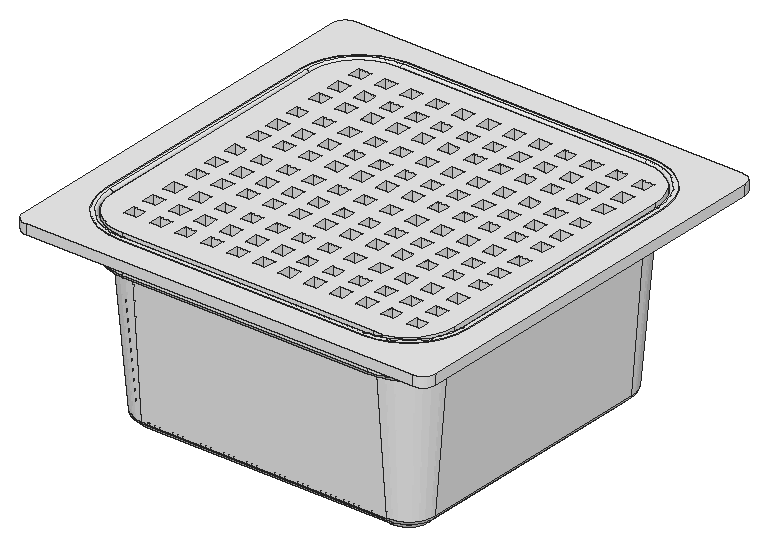
Revit family "Receptor_Sani-Flor_16_In_Square_7_In_Sump-Zurn-Z1920", category Plumbing Fixtures, Revit 2022
Family settings
  Round Connector Dimension = Use Radius
  Part Type = Normal
  OmniClass Number = 23.45.05.14.14
  OmniClass Title = Sinks/Lavatories
  Work Plane-Based = No
  Always vertical = Yes
  Cut with Voids When Loaded = No
  Maintain Annotation Orientation = No
  Shared = No
  Room Calculation Point = No
Parameters (values of type "Load Family Type Catalog")
  ZN-Top Height = 0.000"
  ZN Top = no
  Waste Connection = 1 = 1  # yes
  WFU = 1  # constant formula
  Vent Connection = 1 = 0  # no
  URL = "www.zurn.com"
  Type Comments = "Z1751 Sani-Flor Receptor 3 Inch Inside Caulk Outlet"
  Trap Primer = 1 = 1  # yes
  Top size = 16.000"
  Thickness = 0.250"
  Grate Open Area (Sq. In) = "54"
  Product data url = "https://www.bimobject.com/en-in/zurnindustries/product/zurn-z1920"
  Product Page URL = "https://www.zurn.com/products/drainage-interceptors/floor-sinks/z1920"
  Product Documentation Link = "https://files.zurn.com/spec-sheets/z1920.pdf"
  Grate Material = Iron - Zurn - Cast - Painted - White A.R.E Coated
  E_ Body Length_Derived = E_ Body Length - [ZN-Top Height]  # 9.750"
  Connector Radius = [A_ Pipe Size (Nominal)] / 2  # 1.500"
  Model = "Z1920-3IC"
  Main Material = Iron - Zurn - Cast - Painted - White A.R.E Coated
  HWFU = 0  # constant formula
  HW Connection = 1 = 0  # no
  Description = "16 X 16 [406 X 406] A.R.C. SANI-FLOR RECEPTOR 7 [178] SUMP DEPTH"  # constant formula
  CWFU = 0  # constant formula
  CW Connection = 1 = 0  # no
  Assembly Code = "D2030300"
  A_ Pipe Size (Nominal) = 3.000"
  A_ Pipe Size (Actual-Outer) = 3.500"
  A_ Pipe Size (Actual-Inner) = 3.068"
  Modified Date = "12/29/2025"  # constant formula
  Manufacurer Brand = "Zurn"  # constant formula
  Manufacturer = "Zurn Water, LLC"  # constant formula
  E_ Body Length = 9.750"
  Default Elevation = 4.000"  # constant formula
  Date Created = "08/29/2022"  # constant formula
  Approx. Weight (Lbs) = 81.000"
Reference planes (in)
  plane 1 "Center (Front/Back)": y = 0
  plane 2 "Top Level": z = -2.0625
  plane 3 "Center (Left/Right)": x = 0
  plane 4: through (-4.38902, 4.38902, 48) normal (0.7071, 0.7071, 0)
  plane 5: through (4.7432, 4.7432, 48) normal (0.7071, -0.7071, 0)
  plane 6: x = -8
  plane 7: x = 8
  plane 8: z = -0.375
  plane 9: z = -0.625
  plane 10: x = -1.75
  plane 11: x = 1.75
  plane 12: x = -1.534
  plane 13: x = 1.534
  plane 14: z = -7
  plane 15: z = -7.25
  plane 16: z = -9.75
  plane 17: z = 0
  plane 18: y = 1.75
  plane 19: y = -1.75
  plane 20: y = 8
  plane 21: y = -8
  plane 22: x = -6.5
  plane 23: x = 6.5
  plane 24: x = -6.75
  plane 25: x = 6.75
  plane 26: z = -1.5
  plane 27: x = -6.0625
  plane 28: x = 6.0625
  plane 29: z = -1.25
  plane 30: z = 0.1875
Forms (in)
  Sweep 1, solid, material "Iron - Zurn - Cast - Painted - White A.R.E Coated" <- "Main Material", detail levels fine
    path origin (0, 0, 0) x (1, 0, 0) y (0, 1, 0)
      loop
        arc (-4.75, 6.25) -> (-5.81066, 5.81066) -> (-6.25, 4.75) r 1.5
        line (-6.25, 4.75) -> (-6.25, -4.75)
        arc (-6.25, -4.75) -> (-5.81066, -5.81066) -> (-4.75, -6.25) r 1.5
        line (-4.75, -6.25) -> (4.75, -6.25)
        arc (4.75, -6.25) -> (5.81066, -5.81066) -> (6.25, -4.75) r 1.5
        line (6.25, -4.75) -> (6.25, 4.75)
        arc (6.25, 4.75) -> (5.81066, 5.81066) -> (4.75, 6.25) r 1.5
        line (4.75, 6.25) -> (-4.75, 6.25)
    profile origin (-6.25, 0, 0) x (-1, 0, 0) y (0, 0, 1)
      loop
        line (0.5, -0.375) -> (0.25, -0.375) -> (0.25, -1.25) -> (-0.1875, -1.25) -> (-0.66869, -6.75) -> (-0.85797, -6.75)
        arc (-0.85797, -6.75) -> (-0.91535, -6.77377) -> (-0.93912, -6.83115) r 0.08115
        line (-0.93912, -6.83115) -> (-0.93912, -7) -> (-1.25, -7) -> (-1.25, -7.25) -> (-0.79803, -7.25)
        arc (-0.79803, -7.25) -> (-0.72102, -7.2181) -> (-0.68912, -7.14109) r 0.10891
        line (-0.68912, -7.14109) -> (-0.68912, -7.1)
        arc (-0.68912, -7.1) -> (-0.65983, -7.02929) -> (-0.58912, -7) r 0.1
        line (-0.58912, -7) -> (-0.53124, -7)
        arc (-0.53124, -7) -> (-0.46368, -6.97373) -> (-0.43162, -6.90872) r 0.1
        line (-0.43162, -6.90872) -> (0.0336, -1.59128)
        arc (0.0336, -1.59128) -> (0.06566, -1.52627) -> (0.13322, -1.5) r 0.1
        line (0.13322, -1.5) -> (0.4, -1.5)
        arc (0.4, -1.5) -> (0.47071, -1.47071) -> (0.5, -1.4) r 0.1
        line (0.5, -1.4) -> (0.5, -0.725)
        arc (0.5, -0.725) -> (0.52929, -0.65429) -> (0.6, -0.625) r 0.1
        line (0.6, -0.625) -> (0.65, -0.625)
        arc (0.65, -0.625) -> (0.72071, -0.59571) -> (0.75, -0.525) r 0.1
        line (0.75, -0.525) -> (0.75, 0) -> (0.6, 0)
        arc (0.6, 0) -> (0.52929, -0.02929) -> (0.5, -0.1) r 0.1
        line (0.5, -0.1) -> (0.5, -0.375)
  Revolve 2, solid, material "Iron - Zurn - Cast - Painted - White A.R.E Coated" <- "Main Material", detail levels fine
    sketch origin (0, 0, 0) x (1, 0, 0) y (0, 0, 1)
      loop
        line (-1.75, -7) -> (-1.75, -9.75) -> (-1.534, -9.75) -> (-1.534, -7) -> (-1.75, -7)
      axis (0, -7) -> (0, -9.75)
    angle from 0 to 360
  Extrusion 3, solid, material "Iron - Zurn - Cast - Painted - White A.R.E Coated" <- "Main Material", detail levels fine
    sketch origin (0, 0, 0) x (1, 0, 0) y (0, 1, 0)
      loop
        arc (-7.5, 8) -> (-7.85355, 7.85355) -> (-8, 7.5) r 0.5
        line (-8, 7.5) -> (-8, -7.5)
        arc (-8, -7.5) -> (-7.85355, -7.85355) -> (-7.5, -8) r 0.5
        line (-7.5, -8) -> (7.5, -8)
        arc (7.5, -8) -> (7.85355, -7.85355) -> (8, -7.5) r 0.5
        line (8, -7.5) -> (8, 7.5)
        arc (8, 7.5) -> (7.85355, 7.85355) -> (7.5, 8) r 0.5
        line (7.5, 8) -> (-7.5, 8)
      loop
        line (-7, 4.75) -> (-7, -4.75)
        arc (-7, -4.75) -> (-6.34099, -6.34099) -> (-4.75, -7) r 2.25
        line (-4.75, -7) -> (4.75, -7)
        arc (4.75, -7) -> (6.34099, -6.34099) -> (7, -4.75) r 2.25
        line (7, -4.75) -> (7, 4.75)
        arc (7, 4.75) -> (6.34099, 6.34099) -> (4.75, 7) r 2.25
        line (4.75, 7) -> (-4.75, 7)
        arc (-4.75, 7) -> (-6.34099, 6.34099) -> (-7, 4.75) r 2.25
    from 0 to -0.375
  Extrusion 4, solid, material "Iron - Zurn - Cast - Painted - White A.R.E Coated" <- "Main Material", detail levels fine
    sketch origin (0, 0, 0) x (1, 0, 0) y (0, 1, 0)
      loop
        arc (-5, -4.75) -> (-4.92678, -4.92678) -> (-4.75, -5) r 0.25
        line (-4.75, -5) -> (4.75, -5)
        arc (4.75, -5) -> (4.92678, -4.92678) -> (5, -4.75) r 0.25
        line (5, -4.75) -> (5, 4.75)
        arc (5, 4.75) -> (4.92678, 4.92678) -> (4.75, 5) r 0.25
        line (4.75, 5) -> (-4.75, 5)
        arc (-4.75, 5) -> (-4.92678, 4.92678) -> (-5, 4.75) r 0.25
        line (-5, 4.75) -> (-5, -4.75)
      loop
        circle (0, 0) r 1.75
    from -7.25 to -7
  Extrusion 5, solid, material "Iron - Zurn - Cast - Painted - White A.R.E Coated" <- "Grate Material", visible <- "ZN Top", detail levels fine
    sketch origin (0, 0, 0) x (1, 0, 0) y (0, 1, 0)
      loop
        arc (-7.875, 8.375) -> (-8.22855, 8.22855) -> (-8.375, 7.875) r 0.5
        line (-8.375, 7.875) -> (-8.375, -7.875)
        arc (-8.375, -7.875) -> (-8.22855, -8.22855) -> (-7.875, -8.375) r 0.5
        line (-7.875, -8.375) -> (7.875, -8.375)
        arc (7.875, -8.375) -> (8.22855, -8.22855) -> (8.375, -7.875) r 0.5
        line (8.375, -7.875) -> (8.375, 7.875)
        arc (8.375, 7.875) -> (8.22855, 8.22855) -> (7.875, 8.375) r 0.5
        line (7.875, 8.375) -> (-7.875, 8.375)
      loop
        arc (-4.75, 6.75) -> (-6.16421, 6.16421) -> (-6.75, 4.75) r 2
        line (-6.75, 4.75) -> (-6.75, -4.75)
        arc (-6.75, -4.75) -> (-6.16421, -6.16421) -> (-4.75, -6.75) r 2
        line (-4.75, -6.75) -> (4.75, -6.75)
        arc (4.75, -6.75) -> (6.16421, -6.16421) -> (6.75, -4.75) r 2
        line (6.75, -4.75) -> (6.75, 4.75)
        arc (6.75, 4.75) -> (6.16421, 6.16421) -> (4.75, 6.75) r 2
        line (4.75, 6.75) -> (-4.75, 6.75)
    from -0.375 to 0.1875
Lines and regions (in)
  Masking region 1, detail levels fine
    outline origin (0, 0, 0) x (1, 0, 0) y (0, 1, 0)
      loop
        line (7.875, 8.375) -> (-7.875, 8.375)
        arc (-7.875, 8.375) -> (-8.22855, 8.22855) -> (-8.375, 7.875) r 0.5
        line (-8.375, 7.875) -> (-8.375, -7.875)
        arc (-8.375, -7.875) -> (-8.22855, -8.22855) -> (-7.875, -8.375) r 0.5
        line (-7.875, -8.375) -> (7.875, -8.375)
        arc (7.875, -8.375) -> (8.22855, -8.22855) -> (8.375, -7.875) r 0.5
        line (8.375, -7.875) -> (8.375, 7.875)
        arc (8.375, 7.875) -> (8.22855, 8.22855) -> (7.875, 8.375) r 0.5
  model lines, detail levels coarse+medium
    curve 1: line (0, 0, 0) -> (0, 0, -9.75)
    curve 2: line (-1.75, 0, -9.75) -> (1.75, 0, -9.75)
    curve 3: line (0, 1.75, -9.75) -> (0, -1.75, -9.75)
    curve 4: line (7.5, 8, 0) -> (-7.5, 8, 0)
    curve 5: line (-8, 7.5, 0) -> (-8, -7.5, 0)
    curve 6: line (-7.5, -8, 0) -> (7.5, -8, 0)
    curve 7: line (8, -7.5, 0) -> (8, 7.5, 0)
    curve 8: arc (8, -7.5, 0) -> (7.85355, -7.85355, 0) -> (7.5, -8, 0) r 0.5
    curve 9: arc (-7.5, -8, 0) -> (-7.85355, -7.85355, 0) -> (-8, -7.5, 0) r 0.5
    curve 10: arc (-8, 7.5, 0) -> (-7.85355, 7.85355, 0) -> (-7.5, 8, 0) r 0.5
    curve 11: arc (7.5, 8, 0) -> (7.85355, 7.85355, 0) -> (8, 7.5, 0) r 0.5
    curve 12: line (4.75, 6.75, 0) -> (-4.75, 6.75, 0)
    curve 13: line (6.75, -4.75, 0) -> (6.75, 4.75, 0)
    curve 14: line (-4.75, -6.75, 0) -> (4.75, -6.75, 0)
    curve 15: line (-6.75, 4.75, 0) -> (-6.75, -4.75, 0)
    curve 16: arc (-4.75, 6.75, 0) -> (-6.16421, 6.16421, 0) -> (-6.75, 4.75, 0) r 2
    curve 17: arc (-6.75, -4.75, 0) -> (-6.16421, -6.16421, 0) -> (-4.75, -6.75, 0) r 2
    curve 18: arc (4.75, -6.75, 0) -> (6.16421, -6.16421, 0) -> (6.75, -4.75, 0) r 2
    curve 19: arc (6.75, 4.75, 0) -> (6.16421, 6.16421, 0) -> (4.75, 6.75, 0) r 2
    curve 20: line (-4.5, 6.75, 0) -> (-4.5, -6.75, 0)
    curve 21: line (-2.25, 6.75, 0) -> (-2.25, -6.75, 0)
    curve 22: line (2.25, 6.75, 0) -> (2.25, -6.75, 0)
    curve 23: line (4.5, 6.75, 0) -> (4.5, -6.75, 0)
    curve 24: line (0, 6.75, 0) -> (0, -6.75, 0)
    curve 25: line (-6.75, 4.5, 0) -> (6.75, 4.5, 0)
    curve 26: line (-6.75, 2.25, 0) -> (6.75, 2.25, 0)
    curve 27: line (-6.75, 0, 0) -> (6.75, 0, 0)
    curve 28: line (-6.75, -2.25, 0) -> (6.75, -2.25, 0)
    curve 29: line (-6.75, -4.5, 0) -> (6.75, -4.5, 0)
Dimensions and locks (in)
  locked: plane 3 "Center (Left/Right)" to plane 4
  locked: plane 5 to plane 4
  locked: level to plane 2 "Top Level" at 2.0625
  equal spacing: plane 10, plane 3 "Center (Left/Right)", plane 11
  "A_ Pipe Size (Actual-Outer)": plane 10 to plane 11
  equal spacing: plane 13, plane 3 "Center (Left/Right)", plane 12
  "A_ Pipe Size (Actual-Inner)": plane 13 to plane 12
  "A_ Pipe Size (Actual-Outer)": plane 18 to plane 19
  equal spacing: plane 18, plane 1 "Center (Front/Back)", plane 19
  locked: plane 20 to plane 21 at 16
  equal spacing: plane 20, plane 1 "Center (Front/Back)", plane 21
  locked: plane 7 to plane 6 at 16
  equal spacing: plane 7, plane 3 "Center (Left/Right)", plane 6, locked at 8 each
  locked: plane 27 to plane 22 at 0.4375
  locked: plane 23 to plane 28 at 0.4375
  "E_ Body Length": level to plane 16
  equal spacing: curve 15, curve 20, curve 21, curve 24, curve 22, curve 23, curve 13, locked at 2.25 each
  equal spacing: curve 12, curve 25, curve 26, curve 27, curve 28, curve 29, curve 14, locked at 2.25 each
  equal spacing: plane 25, plane 3 "Center (Left/Right)", plane 24, locked at 6.75 each
  locked: plane 25 to plane 24 at 13.5
  "Thickness": plane 22 to plane 24
  "Thickness": plane 23 to plane 25
  "E_ Body Length_Derived": plane 17 to plane 16
  locked: plane 17 to plane 8 at 0.375
  locked: plane 8 to plane 9 at 0.25
  plane 17 to plane 26 = 1.500"
  "Thickness": plane 29 to plane 26
  locked: plane 17 to plane 14 at 7
  "Thickness": plane 14 to plane 15
  locked: Sweep 1 sketch curve to plane 24 at 0.25
  "Thickness": Sweep 1 sketch curve to Sweep 1 sketch curve
  locked: Sweep 1 sketch curve to plane 14 at 0.25
  locked: Sweep 1 sketch curve to Sweep 1 sketch curve at 0.25
  locked: plane 3 "Center (Left/Right)" to Sweep 1 sketch curve at 5
  Sweep 1 sketch curve to plane 1 "Center (Front/Back)" to Sweep 1 sketch curve = 6.250" locked, 6.250" locked
  Sweep 1 sketch curve to plane 3 "Center (Left/Right)" to Sweep 1 sketch curve = 6.250" locked, 6.250" locked
  locked: plane 20 to Extrusion 5 sketch curve at 0.375
  locked: plane 7 to Extrusion 5 sketch curve at 0.375
  locked: Extrusion 5 sketch curve to plane 21 at 0.375
  locked: Extrusion 5 sketch curve to plane 6 at 0.375
  locked: plane 30 to plane 17 at 0.1875
  equal spacing: curve 4, plane 1 "Center (Front/Back)", curve 6
  "Top size": curve 4 to curve 6
  equal spacing: curve 5, plane 3 "Center (Left/Right)", curve 7
  "Top size": curve 5 to curve 7
  locked: curve 4 to curve 10 at 0.5
  locked: curve 5 to curve 10 at 0.5
  locked: curve 11 to curve 7 at 0.5
  locked: curve 4 to curve 11 at 0.5
  locked: curve 6 to curve 8 at 0.5
  locked: curve 8 to curve 7 at 0.5
  locked: curve 5 to curve 9 at 0.5
  locked: curve 6 to curve 9 at 0.5
  locked: Sweep 1 sketch curve to Sweep 1 sketch curve at 0.31088
  "A_ Pipe Size (Actual-Outer)": diameter of Extrusion 4 sketch curve
  locked: plane 14 to Sweep 1 sketch curve (angle 95.00°)
  aligned and locked: plane 10 to curve 2
  aligned and locked: plane 11 to curve 2
  aligned and locked: curve 2 to plane 16
  aligned and locked: level to curve 1
  aligned and locked: plane 16 to curve 1
  aligned and locked: curve 1 to plane 3 "Center (Left/Right)"
  aligned and locked: curve 3 to plane 18
  aligned and locked: plane 19 to curve 3
  aligned and locked: curve 3 to plane 16
  aligned and locked: Sweep 1 sketch curve to plane 26
  aligned and locked: plane 15 to Sweep 1 sketch curve
  aligned and locked: Sweep 1 sketch curve to plane 14  (x2)
  aligned and locked: plane 16 to Revolve 2 sketch curve
  aligned and locked: Revolve 2 sketch curve to plane 14
  aligned and locked: Revolve 2 sketch curve to plane 12
  aligned and locked: Revolve 2 sketch curve to plane 10
  aligned and locked: plane 14 to Revolve 2 sketch curve
  aligned and locked: Revolve 2 sketch curve to plane 3 "Center (Left/Right)"
  aligned and locked: plane 17 to Sweep 1 sketch curve
  aligned and locked: Sweep 1 sketch curve to plane 8
  aligned and locked: Sweep 1 sketch curve to plane 9
  aligned and locked: plane 24 to Sweep 1 sketch curve
  aligned and locked: Sweep 1 sketch curve to plane 24
  aligned and locked: Sweep 1 sketch curve to plane 22
  aligned and locked: plane 29 to Sweep 1 sketch curve
  aligned and locked: plane 27 to Sweep 1 sketch curve
  aligned and locked: Sweep 1 sketch curve to plane 29
  aligned and locked: plane 6 to Extrusion 3 sketch curve
  aligned and locked: plane 20 to Extrusion 3 sketch curve
  aligned and locked: Extrusion 3 sketch curve to plane 7
  aligned and locked: Extrusion 3 sketch curve to plane 21
  aligned and locked: Extrusion 3 sketch curve to Sweep 1  (x2)
  aligned and locked: Extrusion 3 to plane 17
  aligned and locked: Extrusion 3 to plane 8
  aligned and locked: Extrusion 4 sketch curve to Sweep 1  (x2)
  aligned and locked: plane 1 "Center (Front/Back)" to Extrusion 4 sketch curve
  aligned and locked: plane 3 "Center (Left/Right)" to Extrusion 4 sketch curve
  aligned and locked: Extrusion 4 to plane 15
  aligned and locked: plane 14 to Extrusion 4
  aligned and locked: Extrusion 5 sketch curve to Sweep 1  (x2)
  aligned and locked: plane 30 to Extrusion 5
  aligned and locked: Extrusion 5 to plane 8
  aligned and locked: curve 12 to Extrusion 5
  aligned and locked: curve 15 to Extrusion 5
  aligned and locked: curve 14 to Extrusion 5
  aligned and locked: curve 13 to Extrusion 5
  aligned and locked: plane 3 "Center (Left/Right)" to nested 1
  aligned and locked: plane 1 "Center (Front/Back)" to nested 1
  aligned and locked: level to nested 1
  aligned and locked: Masking region 1 sketch curve to Extrusion 5  (x4)
Automatic sketch dimensions
  Revolve 2 sketch curve to plane 16 = 0.000"
  Sweep 1 sketch curve to Sweep 1 sketch curve = 0.08115"
  Sweep 1 sketch curve to Sweep 1 sketch curve = 0.10891"
  Sweep 1 sketch curve to Sweep 1 sketch curve = 0.05788"
  Sweep 1 sketch curve to Sweep 1 sketch curve = 0.09962"  (x2)
  Sweep 1 sketch curve to Sweep 1 sketch curve = 0.100"  (x3)
  Sweep 1 sketch curve to Sweep 1 sketch curve = 0.050"
  plane 6 to Extrusion 3 sketch curve = 0.500"
  Extrusion 3 sketch curve to plane 24 = 0.750"
  Extrusion 3 sketch curve to plane 25 = 0.750"  (x2)
  plane 6 to Extrusion 5 sketch curve = 0.125"  (x2)
  Extrusion 5 sketch curve to plane 7 = 0.125"  (x2)
  plane 1 "Center (Front/Back)" to curve 27 = 0.000"
  curve 27 to plane 24 = 0.000"
  curve 16 to plane 4 = 0.000"
  curve 24 to plane 3 "Center (Left/Right)" = 0.000"
  plane 21 to curve 6 = 0.000"
  curve 16 to plane 27 = 1.3125"
  curve 14 to curve 20 = 0.250"
  curve 19 to plane 28 = 1.3125"
  curve 18 to plane 28 = 1.3125"
  Sweep 1 sketch curve to plane 27 = 1.3125"  (x2)
  Sweep 1 sketch curve to plane 28 = 1.3125"  (x2)
  Extrusion 3 sketch curve to plane 4 = 0.000"
  Extrusion 3 sketch curve to plane 28 = 1.3125"  (x2)
  Extrusion 4 sketch curve to plane 4 = 0.000"
  Extrusion 4 sketch curve to Extrusion 4 sketch curve = 0.250"  (x2)
  plane 5 to Extrusion 5 sketch curve = 0.000"
  Extrusion 5 sketch curve to plane 28 = 1.3125"  (x2)
Nested families (in)
  nested 1: "Z1920-Grate" at (0, 0, 0), Main Material <- "Grate Material", type "Grate", detail levels fine
    with Main Material Iron - Zurn - Cast - Painted - White A.R.E Coated
Connectors (in)
  piping at (0, 0, -9.75), diameter 3, driven by "Connector Radius", driven by "Waste Connection", driven by "Waste Connection"
    settings: on Revolve 2, index 1, connector inside diameter 24", connector length 0.000", flow factor 0, pipe flow 0 GPM, pressure drop 0.00 psi, fitting loss kfactor 0, connector angle 0.00°, fixture units 0, engagement length 0.000", angle of deflection 0.00°, flow configuration 0, flow direction 2, fitting loss method 0, system type 16, joint type 0, gender type 0, connector reference index -1, connector utility 1, adjustable connector yes, is connector primary yes, connector description "Sanitary Outlet"
Definition of nested family "Z1920-Grate"
  Parameters (values of type "Grate")
    Width = 12.000"
    Waste Connection = 1 = 1  # yes
    WFU = 0  # constant formula
    Vent Connection = 1 = 0  # no
    URL = "www.zurn.com"
    Type Comments = "Z1752 Sani-Flor Receptor - 2 Inch No-Hub Outlet"
    Sink Sump Depth = 10.000"
    Product data url = "https://www.bimobject.com/en/zurnindustries/product/zurn-z1752"
    Product Page URL = "https://www.zurn.com/products/drainage-interceptors/floor-sinks/z1752"
    Product Documentation Link = "https://files.zurn.com/spec-sheets/z1752.pdf"
    Outlet Inner Radius = [Actual Pipe Size Outer Diameter (A)] / 2  # 1.1875"
    Outlet Connection = [Nominal Pipe Size (A)] / 2  # 1.000"
    Nominal Pipe Size (A) = 2.000"
    Model = "Z1752"  # constant formula
    Main Material [instance] = none
    HWFU = 0  # constant formula
    HW Connection = 1 = 0  # no
    Description = "12 X 12 [305 X 305] SANI-FLOR RECEPTOR 10 [254] SUMP DEPTH"  # constant formula
    CWFU = 0  # constant formula
    CW Connection = 1 = 0  # no
    Body Height (E) = 12.063"
    Assembly Code = "D2030300"
    Actual Pipe Size Outer Diameter (A) = 2.375"
    Modified Date = "09/23/25"  # constant formula
    Manufacurer Brand = "Zurn"  # constant formula
    Manufacturer = "Zurn Water, LLC"  # constant formula
    Default Elevation = 2.000"  # constant formula
    Date Created = "07/03/18"  # constant formula
    Approx. Weight (Lbs) = 22.000"
  Reference planes (in)
    plane 1 "Center (Front/Back)": y = 0
    plane 2: z = 0
    plane 3 "Center (Left/Right)": x = 0
    plane 4: x = -4.75
    plane 5: x = 4.75
    plane 6: y = 6
    plane 7: y = -6
    plane 8: x = -6
    plane 9: x = 6
    plane 10: z = -12.063
    plane 11: x = -4.28125
    plane 12: x = 4.28125
    plane 13: z = -0.063
    plane 14: x = 4.53125
    plane 15: z = -10
    plane 16: z = -5.688
    plane 17: z = -5.968
    plane 18: z = -5.593
    plane 19: z = -2.75
    plane 20: z = -2.7
    plane 21: y = 6.625
    plane 22: y = -6.625
    plane 23: x = 4.38654
    plane 24: y = 4.86068
    plane 25: x = 6.625
    plane 26: x = -6.625
    plane 27: y = -2.70366
    plane 28: y = -3.20366
    plane 29: y = -3.70366
    plane 30: y = -4.20366
    plane 31: x = -5.125
    plane 32 "Plane for Outlets": z = -9.999
    plane 33: y = 3.29634
    plane 34: y = 2.79634
    plane 35: y = 2.29634
    plane 36: y = 1.79634
    plane 37: x = -3.78125
    plane 38: x = -4.03125
    plane 39: x = -3.03125
    plane 40: x = -2.03125
    plane 41: x = -1.03125
    plane 42: x = 0.96875
    plane 43: x = 1.96073
    plane 44: x = 2.96875
    plane 45: x = 3.96875
    plane 46: y = 4.04634
    plane 47: y = 3.04634
    plane 48: y = 2.04634
    plane 49: y = 1.04634
    plane 50: y = 0.04634
    plane 51: y = -0.95366
    plane 52: y = -1.95366
    plane 53: y = -2.95366
    plane 54: y = -3.95366
    plane 55: y = 1.00283
    plane 56: y = -1.00112
    plane 57: x = 1.1875
    plane 58: x = -1.1875
    plane 59: y = 1.1875
    plane 60: y = -1.1875
    plane 61: y = 0.29634
    plane 62: y = -0.20366
    plane 63: y = -0.70366
    plane 64: y = -1.20366
    plane 65: x = -5.125
    plane 66: y = 3.29634
    plane 67: y = 2.79634
    plane 68: y = 2.29634
    plane 69: y = 1.79634
    plane 70: x = -5.125
    plane 71: y = 6.29634
    plane 72: y = 5.79634
    plane 73: y = 5.29634
    plane 74: y = 4.79634
    plane 75: x = -5.125
    plane 76: y = -2.70366
    plane 77: y = -3.20366
    plane 78: y = -3.70366
    plane 79: y = -4.20366
    plane 80: x = -4.125
    plane 81: y = 0.29634
    plane 82: y = -0.20366
    plane 83: y = -0.70366
    plane 84: y = -1.20366
    plane 85: x = -4.125
    plane 86: y = 3.29634
    plane 87: y = 2.79634
    plane 88: y = 2.29634
    plane 89: y = 1.79634
    plane 90: x = -4.125
    plane 91: y = 6.29634
    plane 92: y = 5.79634
    plane 93: y = 5.29634
    plane 94: y = 4.79634
    plane 95: x = -4.125
    plane 96: y = -2.70366
    plane 97: y = -3.20366
    plane 98: y = -3.70366
    plane 99: y = -4.20366
    plane 100: x = -3.125
    plane 101: y = 0.29634
    plane 102: y = -0.20366
    plane 103: y = -0.70366
    plane 104: y = -1.20366
    plane 105: x = -3.125
    plane 106: y = 3.29634
    plane 107: y = 2.79634
    plane 108: y = 2.29634
    plane 109: y = 1.79634
    plane 110: x = -3.125
    plane 111: y = 6.29634
    plane 112: y = 5.79634
    plane 113: y = 5.29634
    plane 114: y = 4.79634
    plane 115: x = -3.125
    plane 116: y = -2.70366
    plane 117: y = -3.20366
    plane 118: y = -3.70366
    plane 119: y = -4.20366
    plane 120: x = -2.125
    plane 121: y = 0.29634
    plane 122: y = -0.20366
    plane 123: y = -0.70366
    plane 124: y = -1.20366
    plane 125: x = -2.125
    plane 126: y = 3.29634
    plane 127: y = 2.79634
    plane 128: y = 2.29634
    plane 129: y = 1.79634
    plane 130: x = -2.125
    plane 131: y = 6.29634
    plane 132: y = 5.79634
    plane 133: y = 5.29634
    plane 134: y = 4.79634
    plane 135: x = -2.125
    plane 136: y = -2.70366
    plane 137: y = -3.20366
    plane 138: y = -3.70366
    plane 139: y = -4.20366
    plane 140: x = -1.125
    plane 141: y = 0.29634
    plane 142: y = -0.20366
    plane 143: y = -0.70366
    plane 144: y = -1.20366
    plane 145: x = -1.125
    plane 146: y = 3.29634
    plane 147: y = 2.79634
    plane 148: y = 2.29634
    plane 149: y = 1.79634
    plane 150: x = -1.125
    plane 151: y = 6.29634
    plane 152: y = 5.79634
    plane 153: y = 5.29634
    plane 154: y = 4.79634
    plane 155: x = -1.125
    plane 156: y = -2.70366
    plane 157: y = -3.20366
    plane 158: y = -3.70366
    plane 159: y = -4.20366
    plane 160: x = -0.125
    plane 161: y = 0.29634
    plane 162: y = -0.20366
    plane 163: y = -0.70366
    plane 164: y = -1.20366
    plane 165: x = -0.125
    plane 166: y = 3.29634
    plane 167: y = 2.79634
    plane 168: y = 2.29634
    plane 169: y = 1.79634
    plane 170: x = -0.125
    plane 171: y = 6.29634
    plane 172: y = 5.79634
    plane 173: y = 5.29634
    plane 174: y = 4.79634
    plane 175: x = -0.125
    plane 176: y = -2.70366
    plane 177: y = -3.20366
    plane 178: y = -3.70366
    plane 179: y = -4.20366
    plane 180: x = 0.875
    plane 181: y = 0.29634
    plane 182: y = -0.20366
    plane 183: y = -0.70366
    plane 184: y = -1.20366
    plane 185: x = 0.875
    plane 186: y = 3.29634
    plane 187: y = 2.79634
    plane 188: y = 2.29634
    plane 189: y = 1.79634
    plane 190: x = 0.875
    plane 191: y = 6.29634
    plane 192: y = 5.79634
    plane 193: y = 5.29634
    plane 194: y = 4.79634
    plane 195: x = 0.875
    plane 196: y = -2.70366
    plane 197: y = -3.20366
    plane 198: y = -3.70366
    plane 199: y = -4.20366
    plane 200: x = 1.875
    plane 201: y = 0.29634
    plane 202: y = -0.20366
    plane 203: y = -0.70366
    plane 204: y = -1.20366
    plane 205: x = 1.875
    plane 206: y = 3.29634
    plane 207: y = 2.79634
    plane 208: y = 2.29634
    plane 209: y = 1.79634
    plane 210: x = 1.875
    plane 211: y = 6.29634
    plane 212: y = 5.79634
    plane 213: y = 5.29634
    plane 214: y = 4.79634
    plane 215: x = 1.875
    plane 216: y = -2.70366
    plane 217: y = -3.20366
    plane 218: y = -3.70366
    plane 219: y = -4.20366
    plane 220: x = 2.875
    plane 221: y = 0.29634
    plane 222: y = -0.20366
    plane 223: y = -0.70366
    plane 224: y = -1.20366
    plane 225: x = 2.875
    plane 226: y = 3.29634
    plane 227: y = 2.79634
    plane 228: y = 2.29634
    plane 229: y = 1.79634
    plane 230: x = 2.875
    plane 231: y = 6.29634
    plane 232: y = 5.79634
    plane 233: y = 5.29634
    plane 234: y = 4.79634
    plane 235: x = 2.875
    plane 236: y = -2.70366
    plane 237: y = -3.20366
    plane 238: y = -3.70366
    plane 239: y = -4.20366
    plane 240: x = 3.875
    plane 241: y = 0.29634
    plane 242: y = -0.20366
    plane 243: y = -0.70366
    plane 244: y = -1.20366
    plane 245: x = 3.875
    plane 246: y = 3.29634
    plane 247: y = 2.79634
    plane 248: y = 2.29634
    plane 249: y = 1.79634
    plane 250: x = 3.875
    plane 251: y = 6.29634
    plane 252: y = 5.79634
    plane 253: y = 5.29634
    plane 254: y = 4.79634
    plane 255: x = 3.875
    plane 256: y = -2.70366
    plane 257: y = -3.20366
    plane 258: y = -3.70366
    plane 259: y = -4.20366
    plane 260: x = 4.875
    plane 261: y = 0.29634
    plane 262: y = -0.20366
    plane 263: y = -0.70366
    plane 264: y = -1.20366
    plane 265: x = 4.875
    plane 266: y = 3.29634
    plane 267: y = 2.79634
    plane 268: y = 2.29634
    plane 269: y = 1.79634
    plane 270: x = 4.875
    plane 271: y = 6.29634
    plane 272: y = 5.79634
    plane 273: y = 5.29634
    plane 274: y = 4.79634
    plane 275: x = 4.875
    plane 276: y = -2.70366
    plane 277: y = -3.20366
    plane 278: y = -3.70366
    plane 279: y = -4.20366
    plane 280: x = 5.875
    plane 281: y = 0.29634
    plane 282: y = -0.20366
    plane 283: y = -0.70366
    plane 284: y = -1.20366
    plane 285: x = 5.875
    plane 286: y = 3.29634
    plane 287: y = 2.79634
    plane 288: y = 2.29634
    plane 289: y = 1.79634
    plane 290: x = 5.875
    plane 291: y = 6.29634
    plane 292: y = 5.79634
    plane 293: y = 5.29634
    plane 294: y = 4.79634
    plane 295: x = 5.875
  Forms (in)
    Extrusion 1, solid, material <- "Main Material"
      sketch origin (0, 0, 0) x (1, 0, 0) y (0, 1, 0)
        loop
          line (4.875, 6.625) -> (-4.875, 6.625)
          arc (-4.875, 6.625) -> (-6.11244, 6.11244) -> (-6.625, 4.875) r 1.75
          line (-6.625, 4.875) -> (-6.625, -4.875)
          arc (-6.625, -4.875) -> (-6.11244, -6.11244) -> (-4.875, -6.625) r 1.75
          line (-4.875, -6.625) -> (4.875, -6.625)
          arc (4.875, -6.625) -> (6.11244, -6.11244) -> (6.625, -4.875) r 1.75
          line (6.625, -4.875) -> (6.625, 4.875)
          arc (6.625, 4.875) -> (6.11244, 6.11244) -> (4.875, 6.625) r 1.75
      from 0 to -1.062
    Extrusion 2, void
      sketch origin (0, -6, 0) x (1, 0, 0) y (0, 1, 0)
        loop
          line (-5.625, 2.79634) -> (-5.625, 2.29634) -> (-5.125, 2.29634) -> (-5.125, 2.79634) -> (-5.625, 2.79634)
        loop
          line (-5.625, 1.79634) -> (-5.625, 1.29634) -> (-5.125, 1.29634) -> (-5.125, 1.79634) -> (-5.625, 1.79634)
        loop
          line (-5.625, 0.875) -> (-5.625, 0.375) -> (-5.125, 0.375) -> (-5.125, 0.875) -> (-5.625, 0.875)
      from 0 to -1.062
    Extrusion 3, void, not visible
      sketch origin (0, 0, 0) x (1, 0, 0) y (0, 1, 0)
        loop
          line (-4.28125, 4.29634) -> (-4.28125, 3.79634) -> (-3.78125, 3.79634) -> (-3.78125, 4.29634) -> (-4.28125, 4.29634)
        loop
          line (-4.28125, 3.29634) -> (-4.28125, 2.79634) -> (-3.78125, 2.79634) -> (-3.78125, 3.29634) -> (-4.28125, 3.29634)
        loop
          line (-4.28125, 2.29634) -> (-4.28125, 1.79634) -> (-3.78125, 1.79634) -> (-3.78125, 2.29634) -> (-4.28125, 2.29634)
      from 0 to -1.062
    Extrusion 4, void
      sketch origin (0, -3, 0) x (1, 0, 0) y (0, 1, 0)
        loop
          line (-5.625, 2.79634) -> (-5.625, 2.29634) -> (-5.125, 2.29634) -> (-5.125, 2.79634) -> (-5.625, 2.79634)
        loop
          line (-5.625, 1.79634) -> (-5.625, 1.29634) -> (-5.125, 1.29634) -> (-5.125, 1.79634) -> (-5.625, 1.79634)
        loop
          line (-5.625, 0.875) -> (-5.625, 0.375) -> (-5.125, 0.375) -> (-5.125, 0.875) -> (-5.625, 0.875)
      from 0 to -1.062
    Extrusion 5, void
      sketch origin (0, 0, 0) x (1, 0, 0) y (0, 1, 0)
        loop
          line (-5.625, 2.79634) -> (-5.625, 2.29634) -> (-5.125, 2.29634) -> (-5.125, 2.79634) -> (-5.625, 2.79634)
        loop
          line (-5.625, 1.79634) -> (-5.625, 1.29634) -> (-5.125, 1.29634) -> (-5.125, 1.79634) -> (-5.625, 1.79634)
        loop
          line (-5.625, 0.875) -> (-5.625, 0.375) -> (-5.125, 0.375) -> (-5.125, 0.875) -> (-5.625, 0.875)
      from 0 to -1.062
    Extrusion 6, void
      sketch origin (0, 3, 0) x (1, 0, 0) y (0, 1, 0)
        loop
          line (-5.625, 2.79634) -> (-5.625, 2.29634) -> (-5.125, 2.29634) -> (-5.125, 2.79634) -> (-5.625, 2.79634)
        loop
          line (-5.625, 1.79634) -> (-5.625, 1.29634) -> (-5.125, 1.29634) -> (-5.125, 1.79634) -> (-5.625, 1.79634)
        loop
          line (-5.625, 0.875) -> (-5.625, 0.375) -> (-5.125, 0.375) -> (-5.125, 0.875) -> (-5.625, 0.875)
      from 0 to -1.062
    Extrusion 7, void
      sketch origin (1, -6, 0) x (1, 0, 0) y (0, 1, 0)
        loop
          line (-5.625, 2.79634) -> (-5.625, 2.29634) -> (-5.125, 2.29634) -> (-5.125, 2.79634) -> (-5.625, 2.79634)
        loop
          line (-5.625, 1.79634) -> (-5.625, 1.29634) -> (-5.125, 1.29634) -> (-5.125, 1.79634) -> (-5.625, 1.79634)
        loop
          line (-5.625, 0.875) -> (-5.625, 0.375) -> (-5.125, 0.375) -> (-5.125, 0.875) -> (-5.625, 0.875)
      from 0 to -1.062
    Extrusion 8, void
      sketch origin (1, -3, 0) x (1, 0, 0) y (0, 1, 0)
        loop
          line (-5.625, 2.79634) -> (-5.625, 2.29634) -> (-5.125, 2.29634) -> (-5.125, 2.79634) -> (-5.625, 2.79634)
        loop
          line (-5.625, 1.79634) -> (-5.625, 1.29634) -> (-5.125, 1.29634) -> (-5.125, 1.79634) -> (-5.625, 1.79634)
        loop
          line (-5.625, 0.875) -> (-5.625, 0.375) -> (-5.125, 0.375) -> (-5.125, 0.875) -> (-5.625, 0.875)
      from 0 to -1.062
    Extrusion 9, void
      sketch origin (1, 0, 0) x (1, 0, 0) y (0, 1, 0)
        loop
          line (-5.625, 2.79634) -> (-5.625, 2.29634) -> (-5.125, 2.29634) -> (-5.125, 2.79634) -> (-5.625, 2.79634)
        loop
          line (-5.625, 1.79634) -> (-5.625, 1.29634) -> (-5.125, 1.29634) -> (-5.125, 1.79634) -> (-5.625, 1.79634)
        loop
          line (-5.625, 0.875) -> (-5.625, 0.375) -> (-5.125, 0.375) -> (-5.125, 0.875) -> (-5.625, 0.875)
      from 0 to -1.062
    Extrusion 10, void
      sketch origin (1, 3, 0) x (1, 0, 0) y (0, 1, 0)
        loop
          line (-5.625, 2.79634) -> (-5.625, 2.29634) -> (-5.125, 2.29634) -> (-5.125, 2.79634) -> (-5.625, 2.79634)
        loop
          line (-5.625, 1.79634) -> (-5.625, 1.29634) -> (-5.125, 1.29634) -> (-5.125, 1.79634) -> (-5.625, 1.79634)
        loop
          line (-5.625, 0.875) -> (-5.625, 0.375) -> (-5.125, 0.375) -> (-5.125, 0.875) -> (-5.625, 0.875)
      from 0 to -1.062
    Extrusion 11, void
      sketch origin (2, -6, 0) x (1, 0, 0) y (0, 1, 0)
        loop
          line (-5.625, 2.79634) -> (-5.625, 2.29634) -> (-5.125, 2.29634) -> (-5.125, 2.79634) -> (-5.625, 2.79634)
        loop
          line (-5.625, 1.79634) -> (-5.625, 1.29634) -> (-5.125, 1.29634) -> (-5.125, 1.79634) -> (-5.625, 1.79634)
        loop
          line (-5.625, 0.875) -> (-5.625, 0.375) -> (-5.125, 0.375) -> (-5.125, 0.875) -> (-5.625, 0.875)
      from 0 to -1.062
    Extrusion 12, void
      sketch origin (2, -3, 0) x (1, 0, 0) y (0, 1, 0)
        loop
          line (-5.625, 2.79634) -> (-5.625, 2.29634) -> (-5.125, 2.29634) -> (-5.125, 2.79634) -> (-5.625, 2.79634)
        loop
          line (-5.625, 1.79634) -> (-5.625, 1.29634) -> (-5.125, 1.29634) -> (-5.125, 1.79634) -> (-5.625, 1.79634)
        loop
          line (-5.625, 0.875) -> (-5.625, 0.375) -> (-5.125, 0.375) -> (-5.125, 0.875) -> (-5.625, 0.875)
      from 0 to -1.062
    Extrusion 13, void
      sketch origin (2, 0, 0) x (1, 0, 0) y (0, 1, 0)
        loop
          line (-5.625, 2.79634) -> (-5.625, 2.29634) -> (-5.125, 2.29634) -> (-5.125, 2.79634) -> (-5.625, 2.79634)
        loop
          line (-5.625, 1.79634) -> (-5.625, 1.29634) -> (-5.125, 1.29634) -> (-5.125, 1.79634) -> (-5.625, 1.79634)
        loop
          line (-5.625, 0.875) -> (-5.625, 0.375) -> (-5.125, 0.375) -> (-5.125, 0.875) -> (-5.625, 0.875)
      from 0 to -1.062
    Extrusion 14, void
      sketch origin (2, 3, 0) x (1, 0, 0) y (0, 1, 0)
        loop
          line (-5.625, 2.79634) -> (-5.625, 2.29634) -> (-5.125, 2.29634) -> (-5.125, 2.79634) -> (-5.625, 2.79634)
        loop
          line (-5.625, 1.79634) -> (-5.625, 1.29634) -> (-5.125, 1.29634) -> (-5.125, 1.79634) -> (-5.625, 1.79634)
        loop
          line (-5.625, 0.875) -> (-5.625, 0.375) -> (-5.125, 0.375) -> (-5.125, 0.875) -> (-5.625, 0.875)
      from 0 to -1.062
    Extrusion 15, void
      sketch origin (3, -6, 0) x (1, 0, 0) y (0, 1, 0)
        loop
          line (-5.625, 2.79634) -> (-5.625, 2.29634) -> (-5.125, 2.29634) -> (-5.125, 2.79634) -> (-5.625, 2.79634)
        loop
          line (-5.625, 1.79634) -> (-5.625, 1.29634) -> (-5.125, 1.29634) -> (-5.125, 1.79634) -> (-5.625, 1.79634)
        loop
          line (-5.625, 0.875) -> (-5.625, 0.375) -> (-5.125, 0.375) -> (-5.125, 0.875) -> (-5.625, 0.875)
      from 0 to -1.062
    Extrusion 16, void
      sketch origin (3, -3, 0) x (1, 0, 0) y (0, 1, 0)
        loop
          line (-5.625, 2.79634) -> (-5.625, 2.29634) -> (-5.125, 2.29634) -> (-5.125, 2.79634) -> (-5.625, 2.79634)
        loop
          line (-5.625, 1.79634) -> (-5.625, 1.29634) -> (-5.125, 1.29634) -> (-5.125, 1.79634) -> (-5.625, 1.79634)
        loop
          line (-5.625, 0.875) -> (-5.625, 0.375) -> (-5.125, 0.375) -> (-5.125, 0.875) -> (-5.625, 0.875)
      from 0 to -1.062
    Extrusion 17, void
      sketch origin (3, 0, 0) x (1, 0, 0) y (0, 1, 0)
        loop
          line (-5.625, 2.79634) -> (-5.625, 2.29634) -> (-5.125, 2.29634) -> (-5.125, 2.79634) -> (-5.625, 2.79634)
        loop
          line (-5.625, 1.79634) -> (-5.625, 1.29634) -> (-5.125, 1.29634) -> (-5.125, 1.79634) -> (-5.625, 1.79634)
        loop
          line (-5.625, 0.875) -> (-5.625, 0.375) -> (-5.125, 0.375) -> (-5.125, 0.875) -> (-5.625, 0.875)
      from 0 to -1.062
    Extrusion 18, void
      sketch origin (3, 3, 0) x (1, 0, 0) y (0, 1, 0)
        loop
          line (-5.625, 2.79634) -> (-5.625, 2.29634) -> (-5.125, 2.29634) -> (-5.125, 2.79634) -> (-5.625, 2.79634)
        loop
          line (-5.625, 1.79634) -> (-5.625, 1.29634) -> (-5.125, 1.29634) -> (-5.125, 1.79634) -> (-5.625, 1.79634)
        loop
          line (-5.625, 0.875) -> (-5.625, 0.375) -> (-5.125, 0.375) -> (-5.125, 0.875) -> (-5.625, 0.875)
      from 0 to -1.062
    Extrusion 19, void
      sketch origin (4, -6, 0) x (1, 0, 0) y (0, 1, 0)
        loop
          line (-5.625, 2.79634) -> (-5.625, 2.29634) -> (-5.125, 2.29634) -> (-5.125, 2.79634) -> (-5.625, 2.79634)
        loop
          line (-5.625, 1.79634) -> (-5.625, 1.29634) -> (-5.125, 1.29634) -> (-5.125, 1.79634) -> (-5.625, 1.79634)
        loop
          line (-5.625, 0.875) -> (-5.625, 0.375) -> (-5.125, 0.375) -> (-5.125, 0.875) -> (-5.625, 0.875)
      from 0 to -1.062
    Extrusion 20, void
      sketch origin (4, -3, 0) x (1, 0, 0) y (0, 1, 0)
        loop
          line (-5.625, 2.79634) -> (-5.625, 2.29634) -> (-5.125, 2.29634) -> (-5.125, 2.79634) -> (-5.625, 2.79634)
        loop
          line (-5.625, 1.79634) -> (-5.625, 1.29634) -> (-5.125, 1.29634) -> (-5.125, 1.79634) -> (-5.625, 1.79634)
        loop
          line (-5.625, 0.875) -> (-5.625, 0.375) -> (-5.125, 0.375) -> (-5.125, 0.875) -> (-5.625, 0.875)
      from 0 to -1.062
    Extrusion 21, void
      sketch origin (4, 0, 0) x (1, 0, 0) y (0, 1, 0)
        loop
          line (-5.625, 2.79634) -> (-5.625, 2.29634) -> (-5.125, 2.29634) -> (-5.125, 2.79634) -> (-5.625, 2.79634)
        loop
          line (-5.625, 1.79634) -> (-5.625, 1.29634) -> (-5.125, 1.29634) -> (-5.125, 1.79634) -> (-5.625, 1.79634)
        loop
          line (-5.625, 0.875) -> (-5.625, 0.375) -> (-5.125, 0.375) -> (-5.125, 0.875) -> (-5.625, 0.875)
      from 0 to -1.062
    Extrusion 22, void
      sketch origin (4, 3, 0) x (1, 0, 0) y (0, 1, 0)
        loop
          line (-5.625, 2.79634) -> (-5.625, 2.29634) -> (-5.125, 2.29634) -> (-5.125, 2.79634) -> (-5.625, 2.79634)
        loop
          line (-5.625, 1.79634) -> (-5.625, 1.29634) -> (-5.125, 1.29634) -> (-5.125, 1.79634) -> (-5.625, 1.79634)
        loop
          line (-5.625, 0.875) -> (-5.625, 0.375) -> (-5.125, 0.375) -> (-5.125, 0.875) -> (-5.625, 0.875)
      from 0 to -1.062
    Extrusion 23, void
      sketch origin (5, -6, 0) x (1, 0, 0) y (0, 1, 0)
        loop
          line (-5.625, 2.79634) -> (-5.625, 2.29634) -> (-5.125, 2.29634) -> (-5.125, 2.79634) -> (-5.625, 2.79634)
        loop
          line (-5.625, 1.79634) -> (-5.625, 1.29634) -> (-5.125, 1.29634) -> (-5.125, 1.79634) -> (-5.625, 1.79634)
        loop
          line (-5.625, 0.875) -> (-5.625, 0.375) -> (-5.125, 0.375) -> (-5.125, 0.875) -> (-5.625, 0.875)
      from 0 to -1.062
    Extrusion 24, void
      sketch origin (5, -3, 0) x (1, 0, 0) y (0, 1, 0)
        loop
          line (-5.625, 2.79634) -> (-5.625, 2.29634) -> (-5.125, 2.29634) -> (-5.125, 2.79634) -> (-5.625, 2.79634)
        loop
          line (-5.625, 1.79634) -> (-5.625, 1.29634) -> (-5.125, 1.29634) -> (-5.125, 1.79634) -> (-5.625, 1.79634)
        loop
          line (-5.625, 0.875) -> (-5.625, 0.375) -> (-5.125, 0.375) -> (-5.125, 0.875) -> (-5.625, 0.875)
      from 0 to -1.062
    Extrusion 25, void
      sketch origin (5, 0, 0) x (1, 0, 0) y (0, 1, 0)
        loop
          line (-5.625, 2.79634) -> (-5.625, 2.29634) -> (-5.125, 2.29634) -> (-5.125, 2.79634) -> (-5.625, 2.79634)
        loop
          line (-5.625, 1.79634) -> (-5.625, 1.29634) -> (-5.125, 1.29634) -> (-5.125, 1.79634) -> (-5.625, 1.79634)
        loop
          line (-5.625, 0.875) -> (-5.625, 0.375) -> (-5.125, 0.375) -> (-5.125, 0.875) -> (-5.625, 0.875)
      from 0 to -1.062
    Extrusion 26, void
      sketch origin (5, 3, 0) x (1, 0, 0) y (0, 1, 0)
        loop
          line (-5.625, 2.79634) -> (-5.625, 2.29634) -> (-5.125, 2.29634) -> (-5.125, 2.79634) -> (-5.625, 2.79634)
        loop
          line (-5.625, 1.79634) -> (-5.625, 1.29634) -> (-5.125, 1.29634) -> (-5.125, 1.79634) -> (-5.625, 1.79634)
        loop
          line (-5.625, 0.875) -> (-5.625, 0.375) -> (-5.125, 0.375) -> (-5.125, 0.875) -> (-5.625, 0.875)
      from 0 to -1.062
    Extrusion 27, void
      sketch origin (6, -6, 0) x (1, 0, 0) y (0, 1, 0)
        loop
          line (-5.625, 2.79634) -> (-5.625, 2.29634) -> (-5.125, 2.29634) -> (-5.125, 2.79634) -> (-5.625, 2.79634)
        loop
          line (-5.625, 1.79634) -> (-5.625, 1.29634) -> (-5.125, 1.29634) -> (-5.125, 1.79634) -> (-5.625, 1.79634)
        loop
          line (-5.625, 0.875) -> (-5.625, 0.375) -> (-5.125, 0.375) -> (-5.125, 0.875) -> (-5.625, 0.875)
      from 0 to -1.062
    Extrusion 28, void
      sketch origin (6, -3, 0) x (1, 0, 0) y (0, 1, 0)
        loop
          line (-5.625, 2.79634) -> (-5.625, 2.29634) -> (-5.125, 2.29634) -> (-5.125, 2.79634) -> (-5.625, 2.79634)
        loop
          line (-5.625, 1.79634) -> (-5.625, 1.29634) -> (-5.125, 1.29634) -> (-5.125, 1.79634) -> (-5.625, 1.79634)
        loop
          line (-5.625, 0.875) -> (-5.625, 0.375) -> (-5.125, 0.375) -> (-5.125, 0.875) -> (-5.625, 0.875)
      from 0 to -1.062
    Extrusion 29, void
      sketch origin (6, 0, 0) x (1, 0, 0) y (0, 1, 0)
        loop
          line (-5.625, 2.79634) -> (-5.625, 2.29634) -> (-5.125, 2.29634) -> (-5.125, 2.79634) -> (-5.625, 2.79634)
        loop
          line (-5.625, 1.79634) -> (-5.625, 1.29634) -> (-5.125, 1.29634) -> (-5.125, 1.79634) -> (-5.625, 1.79634)
        loop
          line (-5.625, 0.875) -> (-5.625, 0.375) -> (-5.125, 0.375) -> (-5.125, 0.875) -> (-5.625, 0.875)
      from 0 to -1.062
    Extrusion 30, void
      sketch origin (6, 3, 0) x (1, 0, 0) y (0, 1, 0)
        loop
          line (-5.625, 2.79634) -> (-5.625, 2.29634) -> (-5.125, 2.29634) -> (-5.125, 2.79634) -> (-5.625, 2.79634)
        loop
          line (-5.625, 1.79634) -> (-5.625, 1.29634) -> (-5.125, 1.29634) -> (-5.125, 1.79634) -> (-5.625, 1.79634)
        loop
          line (-5.625, 0.875) -> (-5.625, 0.375) -> (-5.125, 0.375) -> (-5.125, 0.875) -> (-5.625, 0.875)
      from 0 to -1.062
    Extrusion 31, void
      sketch origin (7, -6, 0) x (1, 0, 0) y (0, 1, 0)
        loop
          line (-5.625, 2.79634) -> (-5.625, 2.29634) -> (-5.125, 2.29634) -> (-5.125, 2.79634) -> (-5.625, 2.79634)
        loop
          line (-5.625, 1.79634) -> (-5.625, 1.29634) -> (-5.125, 1.29634) -> (-5.125, 1.79634) -> (-5.625, 1.79634)
        loop
          line (-5.625, 0.875) -> (-5.625, 0.375) -> (-5.125, 0.375) -> (-5.125, 0.875) -> (-5.625, 0.875)
      from 0 to -1.062
    Extrusion 32, void
      sketch origin (7, -3, 0) x (1, 0, 0) y (0, 1, 0)
        loop
          line (-5.625, 2.79634) -> (-5.625, 2.29634) -> (-5.125, 2.29634) -> (-5.125, 2.79634) -> (-5.625, 2.79634)
        loop
          line (-5.625, 1.79634) -> (-5.625, 1.29634) -> (-5.125, 1.29634) -> (-5.125, 1.79634) -> (-5.625, 1.79634)
        loop
          line (-5.625, 0.875) -> (-5.625, 0.375) -> (-5.125, 0.375) -> (-5.125, 0.875) -> (-5.625, 0.875)
      from 0 to -1.062
    Extrusion 33, void
      sketch origin (7, 0, 0) x (1, 0, 0) y (0, 1, 0)
        loop
          line (-5.625, 2.79634) -> (-5.625, 2.29634) -> (-5.125, 2.29634) -> (-5.125, 2.79634) -> (-5.625, 2.79634)
        loop
          line (-5.625, 1.79634) -> (-5.625, 1.29634) -> (-5.125, 1.29634) -> (-5.125, 1.79634) -> (-5.625, 1.79634)
        loop
          line (-5.625, 0.875) -> (-5.625, 0.375) -> (-5.125, 0.375) -> (-5.125, 0.875) -> (-5.625, 0.875)
      from 0 to -1.062
    Extrusion 34, void
      sketch origin (7, 3, 0) x (1, 0, 0) y (0, 1, 0)
        loop
          line (-5.625, 2.79634) -> (-5.625, 2.29634) -> (-5.125, 2.29634) -> (-5.125, 2.79634) -> (-5.625, 2.79634)
        loop
          line (-5.625, 1.79634) -> (-5.625, 1.29634) -> (-5.125, 1.29634) -> (-5.125, 1.79634) -> (-5.625, 1.79634)
        loop
          line (-5.625, 0.875) -> (-5.625, 0.375) -> (-5.125, 0.375) -> (-5.125, 0.875) -> (-5.625, 0.875)
      from 0 to -1.062
    Extrusion 35, void
      sketch origin (8, -6, 0) x (1, 0, 0) y (0, 1, 0)
        loop
          line (-5.625, 2.79634) -> (-5.625, 2.29634) -> (-5.125, 2.29634) -> (-5.125, 2.79634) -> (-5.625, 2.79634)
        loop
          line (-5.625, 1.79634) -> (-5.625, 1.29634) -> (-5.125, 1.29634) -> (-5.125, 1.79634) -> (-5.625, 1.79634)
        loop
          line (-5.625, 0.875) -> (-5.625, 0.375) -> (-5.125, 0.375) -> (-5.125, 0.875) -> (-5.625, 0.875)
      from 0 to -1.062
    Extrusion 36, void
      sketch origin (8, -3, 0) x (1, 0, 0) y (0, 1, 0)
        loop
          line (-5.625, 2.79634) -> (-5.625, 2.29634) -> (-5.125, 2.29634) -> (-5.125, 2.79634) -> (-5.625, 2.79634)
        loop
          line (-5.625, 1.79634) -> (-5.625, 1.29634) -> (-5.125, 1.29634) -> (-5.125, 1.79634) -> (-5.625, 1.79634)
        loop
          line (-5.625, 0.875) -> (-5.625, 0.375) -> (-5.125, 0.375) -> (-5.125, 0.875) -> (-5.625, 0.875)
      from 0 to -1.062
    Extrusion 37, void
      sketch origin (8, 0, 0) x (1, 0, 0) y (0, 1, 0)
        loop
          line (-5.625, 2.79634) -> (-5.625, 2.29634) -> (-5.125, 2.29634) -> (-5.125, 2.79634) -> (-5.625, 2.79634)
        loop
          line (-5.625, 1.79634) -> (-5.625, 1.29634) -> (-5.125, 1.29634) -> (-5.125, 1.79634) -> (-5.625, 1.79634)
        loop
          line (-5.625, 0.875) -> (-5.625, 0.375) -> (-5.125, 0.375) -> (-5.125, 0.875) -> (-5.625, 0.875)
      from 0 to -1.062
    Extrusion 38, void
      sketch origin (8, 3, 0) x (1, 0, 0) y (0, 1, 0)
        loop
          line (-5.625, 2.79634) -> (-5.625, 2.29634) -> (-5.125, 2.29634) -> (-5.125, 2.79634) -> (-5.625, 2.79634)
        loop
          line (-5.625, 1.79634) -> (-5.625, 1.29634) -> (-5.125, 1.29634) -> (-5.125, 1.79634) -> (-5.625, 1.79634)
        loop
          line (-5.625, 0.875) -> (-5.625, 0.375) -> (-5.125, 0.375) -> (-5.125, 0.875) -> (-5.625, 0.875)
      from 0 to -1.062
    Extrusion 39, void
      sketch origin (9, -6, 0) x (1, 0, 0) y (0, 1, 0)
        loop
          line (-5.625, 2.79634) -> (-5.625, 2.29634) -> (-5.125, 2.29634) -> (-5.125, 2.79634) -> (-5.625, 2.79634)
        loop
          line (-5.625, 1.79634) -> (-5.625, 1.29634) -> (-5.125, 1.29634) -> (-5.125, 1.79634) -> (-5.625, 1.79634)
        loop
          line (-5.625, 0.875) -> (-5.625, 0.375) -> (-5.125, 0.375) -> (-5.125, 0.875) -> (-5.625, 0.875)
      from 0 to -1.062
    Extrusion 40, void
      sketch origin (9, -3, 0) x (1, 0, 0) y (0, 1, 0)
        loop
          line (-5.625, 2.79634) -> (-5.625, 2.29634) -> (-5.125, 2.29634) -> (-5.125, 2.79634) -> (-5.625, 2.79634)
        loop
          line (-5.625, 1.79634) -> (-5.625, 1.29634) -> (-5.125, 1.29634) -> (-5.125, 1.79634) -> (-5.625, 1.79634)
        loop
          line (-5.625, 0.875) -> (-5.625, 0.375) -> (-5.125, 0.375) -> (-5.125, 0.875) -> (-5.625, 0.875)
      from 0 to -1.062
    Extrusion 41, void
      sketch origin (9, 0, 0) x (1, 0, 0) y (0, 1, 0)
        loop
          line (-5.625, 2.79634) -> (-5.625, 2.29634) -> (-5.125, 2.29634) -> (-5.125, 2.79634) -> (-5.625, 2.79634)
        loop
          line (-5.625, 1.79634) -> (-5.625, 1.29634) -> (-5.125, 1.29634) -> (-5.125, 1.79634) -> (-5.625, 1.79634)
        loop
          line (-5.625, 0.875) -> (-5.625, 0.375) -> (-5.125, 0.375) -> (-5.125, 0.875) -> (-5.625, 0.875)
      from 0 to -1.062
    Extrusion 42, void
      sketch origin (9, 3, 0) x (1, 0, 0) y (0, 1, 0)
        loop
          line (-5.625, 2.79634) -> (-5.625, 2.29634) -> (-5.125, 2.29634) -> (-5.125, 2.79634) -> (-5.625, 2.79634)
        loop
          line (-5.625, 1.79634) -> (-5.625, 1.29634) -> (-5.125, 1.29634) -> (-5.125, 1.79634) -> (-5.625, 1.79634)
        loop
          line (-5.625, 0.875) -> (-5.625, 0.375) -> (-5.125, 0.375) -> (-5.125, 0.875) -> (-5.625, 0.875)
      from 0 to -1.062
    Extrusion 43, void
      sketch origin (10, -6, 0) x (1, 0, 0) y (0, 1, 0)
        loop
          line (-5.625, 2.79634) -> (-5.625, 2.29634) -> (-5.125, 2.29634) -> (-5.125, 2.79634) -> (-5.625, 2.79634)
        loop
          line (-5.625, 1.79634) -> (-5.625, 1.29634) -> (-5.125, 1.29634) -> (-5.125, 1.79634) -> (-5.625, 1.79634)
        loop
          line (-5.625, 0.875) -> (-5.625, 0.375) -> (-5.125, 0.375) -> (-5.125, 0.875) -> (-5.625, 0.875)
      from 0 to -1.062
    Extrusion 44, void
      sketch origin (10, -3, 0) x (1, 0, 0) y (0, 1, 0)
        loop
          line (-5.625, 2.79634) -> (-5.625, 2.29634) -> (-5.125, 2.29634) -> (-5.125, 2.79634) -> (-5.625, 2.79634)
        loop
          line (-5.625, 1.79634) -> (-5.625, 1.29634) -> (-5.125, 1.29634) -> (-5.125, 1.79634) -> (-5.625, 1.79634)
        loop
          line (-5.625, 0.875) -> (-5.625, 0.375) -> (-5.125, 0.375) -> (-5.125, 0.875) -> (-5.625, 0.875)
      from 0 to -1.062
    Extrusion 45, void
      sketch origin (10, 0, 0) x (1, 0, 0) y (0, 1, 0)
        loop
          line (-5.625, 2.79634) -> (-5.625, 2.29634) -> (-5.125, 2.29634) -> (-5.125, 2.79634) -> (-5.625, 2.79634)
        loop
          line (-5.625, 1.79634) -> (-5.625, 1.29634) -> (-5.125, 1.29634) -> (-5.125, 1.79634) -> (-5.625, 1.79634)
        loop
          line (-5.625, 0.875) -> (-5.625, 0.375) -> (-5.125, 0.375) -> (-5.125, 0.875) -> (-5.625, 0.875)
      from 0 to -1.062
    Extrusion 46, void
      sketch origin (10, 3, 0) x (1, 0, 0) y (0, 1, 0)
        loop
          line (-5.625, 2.79634) -> (-5.625, 2.29634) -> (-5.125, 2.29634) -> (-5.125, 2.79634) -> (-5.625, 2.79634)
        loop
          line (-5.625, 1.79634) -> (-5.625, 1.29634) -> (-5.125, 1.29634) -> (-5.125, 1.79634) -> (-5.625, 1.79634)
        loop
          line (-5.625, 0.875) -> (-5.625, 0.375) -> (-5.125, 0.375) -> (-5.125, 0.875) -> (-5.625, 0.875)
      from 0 to -1.062
    Extrusion 47, void
      sketch origin (11, -6, 0) x (1, 0, 0) y (0, 1, 0)
        loop
          line (-5.625, 2.79634) -> (-5.625, 2.29634) -> (-5.125, 2.29634) -> (-5.125, 2.79634) -> (-5.625, 2.79634)
        loop
          line (-5.625, 1.79634) -> (-5.625, 1.29634) -> (-5.125, 1.29634) -> (-5.125, 1.79634) -> (-5.625, 1.79634)
        loop
          line (-5.625, 0.875) -> (-5.625, 0.375) -> (-5.125, 0.375) -> (-5.125, 0.875) -> (-5.625, 0.875)
      from 0 to -1.062
    Extrusion 48, void
      sketch origin (11, -3, 0) x (1, 0, 0) y (0, 1, 0)
        loop
          line (-5.625, 2.79634) -> (-5.625, 2.29634) -> (-5.125, 2.29634) -> (-5.125, 2.79634) -> (-5.625, 2.79634)
        loop
          line (-5.625, 1.79634) -> (-5.625, 1.29634) -> (-5.125, 1.29634) -> (-5.125, 1.79634) -> (-5.625, 1.79634)
        loop
          line (-5.625, 0.875) -> (-5.625, 0.375) -> (-5.125, 0.375) -> (-5.125, 0.875) -> (-5.625, 0.875)
      from 0 to -1.062
    Extrusion 49, void
      sketch origin (11, 0, 0) x (1, 0, 0) y (0, 1, 0)
        loop
          line (-5.625, 2.79634) -> (-5.625, 2.29634) -> (-5.125, 2.29634) -> (-5.125, 2.79634) -> (-5.625, 2.79634)
        loop
          line (-5.625, 1.79634) -> (-5.625, 1.29634) -> (-5.125, 1.29634) -> (-5.125, 1.79634) -> (-5.625, 1.79634)
        loop
          line (-5.625, 0.875) -> (-5.625, 0.375) -> (-5.125, 0.375) -> (-5.125, 0.875) -> (-5.625, 0.875)
      from 0 to -1.062
    Extrusion 50, void
      sketch origin (11, 3, 0) x (1, 0, 0) y (0, 1, 0)
        loop
          line (-5.625, 2.79634) -> (-5.625, 2.29634) -> (-5.125, 2.29634) -> (-5.125, 2.79634) -> (-5.625, 2.79634)
        loop
          line (-5.625, 1.79634) -> (-5.625, 1.29634) -> (-5.125, 1.29634) -> (-5.125, 1.79634) -> (-5.625, 1.79634)
        loop
          line (-5.625, 0.875) -> (-5.625, 0.375) -> (-5.125, 0.375) -> (-5.125, 0.875) -> (-5.625, 0.875)
      from 0 to -1.062
  Cuts and joins
    Extrusion 2, Extrusion 4, Extrusion 5, Extrusion 6, Extrusion 7, Extrusion 8, Extrusion 9, Extrusion 10, Extrusion 11, Extrusion 12, Extrusion 13, Extrusion 14, Extrusion 15, Extrusion 16, Extrusion 17, Extrusion 18, Extrusion 19, Extrusion 20, Extrusion 21, Extrusion 22, Extrusion 23, Extrusion 24, Extrusion 25, Extrusion 26, Extrusion 27, Extrusion 28, Extrusion 29, Extrusion 30, Extrusion 31, Extrusion 32, Extrusion 33, Extrusion 34, Extrusion 35, Extrusion 36, Extrusion 37, Extrusion 38, Extrusion 39, Extrusion 40, Extrusion 41, Extrusion 42, Extrusion 43, Extrusion 44, Extrusion 45, Extrusion 46, Extrusion 47, Extrusion 48, Extrusion 49, Extrusion 50 cuts Extrusion 1
  Lines and regions (in)
    symbolic lines, detail levels coarse+medium
      curve 1: line (-6, 0, 0) -> (6, 0, 0)
      curve 2: line (0, 0, 0) -> (0, 0, -12.063)
      curve 3: line (-1.1875, 0, -12.063) -> (1.1875, 0, -12.063)
      curve 4: line (0, 6, 0) -> (0, -6, 0)
      curve 5: line (0, 0, 0) -> (0, 0, -12.063)
      curve 6: line (0, 1.1875, -12.063) -> (0, -1.1875, -12.063)
  Dimensions and locks (in)
    equal spacing: plane 8, plane 3 "Center (Left/Right)", plane 9, locked at 6 each
    equal spacing: plane 4, plane 3 "Center (Left/Right)", plane 5
    equal spacing: plane 6, plane 1 "Center (Front/Back)", plane 7
    plane 6 to plane 1 "Center (Front/Back)" = 6.000"
    "Width": plane 9 to plane 8
    locked: plane 5 to plane 4 at 9.5
    equal spacing: plane 12, plane 3 "Center (Left/Right)", plane 11
    plane 14 to plane 12 = 0.250"
    locked: level to plane 13 at 0.063
    plane 4 to plane 5 = 9.500"
    locked: plane 12 to plane 11 at 8.5625
    level to plane 10 = 12.063"
    plane 15 to plane 10 = 2.063"
    plane 16 to plane 10 = 6.375"
    level to plane 15 = 10.000"  (x2)
    locked: plane 18 to plane 17 at 0.375
    locked: plane 19 to plane 16 at 2.938
    plane 19 to plane 15 = 7.250"
    plane 20 to plane 19 = 0.050"
    locked: plane 6 to plane 24 at 1.13932
    plane 24 to plane 21 = 1.76432"
